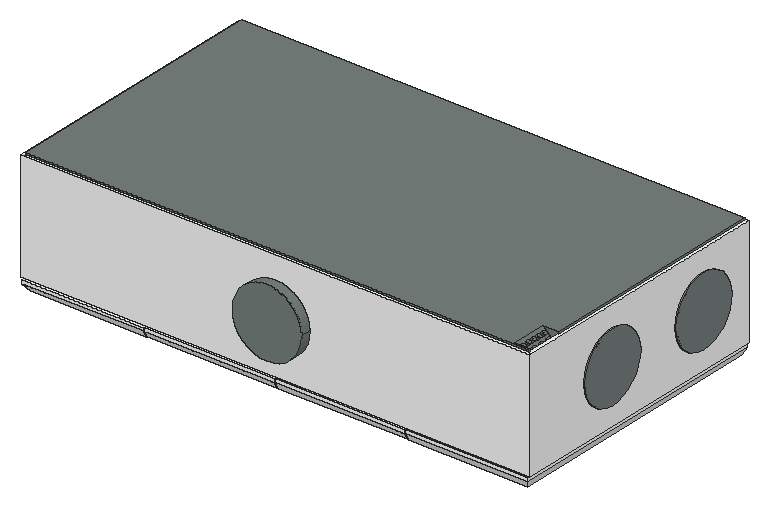
Revit family "AM 1000 S1S2 DIDE", category Mechanical Equipment, Revit 2019
Family settings
  Round Connector Dimension = Use Diameter
  Part Type = Normal
  OmniClass Number = 23.75.00.00
  OmniClass Title = Climate Control (HVAC)
  Work Plane-Based = No
  Always vertical = Yes
  Cut with Voids When Loaded = No
  Shared = No
  Room Calculation Point = No
Parameters
  Weight (Standard Unit) = 301.5  # constant formula
  Water heating surface in = "1/2\" (DN 15)"
  Water heating surface Return = "1/2\" (DN 15)"
  Water Heater Surface Return = 15 mm  # constant formula
  Water Heater Surface IN = 15 mm  # constant formula
  URL = "www.airmaster-as.com"
  Total Width = 2325 mm  # constant formula
  Total Hight = 560 mm  # constant formula
  Top Panel [instance] = yes
  T-C Duct Exhaust = 258 mm  # constant formula
  T-C Duct Supply = 258 mm  # constant formula
  Suply Air In = 315 mm  # constant formula
  R-C Duct Exhaust = 318 mm  # constant formula
  Phase 1 - Max Power Consumption = "4105 W"
  Phase 1 - Max Current = "19 A"
  Nominal current, electrical preheating surface = "10 A"
  Nominal current, electrical comfort heating surface = "6,5 A"
  Nominal current, air handling unit = "2,2 A"
  Network Conection = "AWG 24 CAT 5e STP"
  Model = "AM 1000 S1S2 DIDE"
  Middel Panel [instance] = yes
  Max. flow rate 35 dB(A) with ePM10 80% filters = 998.00 m³  # constant formula
  Max. flow rate 35 dB(A) with ePM10 55% filters = 1025.00 m³  # constant formula
  Max. flow rate 35 dB(A) with ePM10 50% filters = 1050.00 m³  # constant formula
  Max. flow rate 30 dB(A) with ePM10 80% filters = 903.00 m³  # constant formula
  Max. flow rate 30 dB(A) with ePM10 55% filters = 926.00 m³  # constant formula
  Max. flow rate 30 dB(A) with ePM10 50% filters = 950.00 m³  # constant formula
  Manufacturer = "Airmaster A/S"
  Maintenance [instance] = no
  L-C Duct ESupply = 237 mm  # constant formula
  Exhaust Air = 315 mm  # constant formula
  Total Depth = 1248 mm  # constant formula
  Electrical connection = "1  ~ 230V+N+PE / 3 ~ 230/400V+N+PE/ 50 Hz"
  Drawn By = "LSB"
  Condensate conector = "Ø6/9 mm"
  Condensate = 9 mm  # constant formula
  Buttom Panel = yes
  BMS Panel = "(PTS) 2x2x0,6"
  BMS Out = "(PTS) 2x2x0,6"
  BMS IN = "(PTS) 2x2x0,6"
  Airflow area [instance] = no
  Air flow area [instance] = Airflow
Reference planes
  plane 1 "Center (Front/Back)": y = 0
  plane 2: z = 0
  plane 3 "Center (Left/Right)": x = 0
  plane 4 "Center L/S": y = -1248
  plane 5 "Center L/T": x = -1162.5
  plane 6 "Center L/U": x = 1162.5
  plane 7 "TOP": z = 560
  plane 8 "Center L/V": x = -1147.5
  plane 9 "Center L/W": y = -1233
  plane 10 "Center L/X": x = 1147.5
  plane 11 "Panel Buttom": z = 44.5
  plane 12 "Panel Top": z = 212.5
  plane 13 "Hatch": z = 14.5
  plane 14 "Center L/Z": z = 222.5
  plane 15 "Center L/AA": z = 382.5
  plane 16 "Center L/BB": z = 392.5
  plane 17 "Center L/CC": z = 552.5
  plane 18 "Center L/DD": z = 52.35
  plane 19 "Center L/EE": z = 71.6
  plane 20: x = 1077.714
  plane 21: y = -1065.25
Forms (mm)
  Extrusion 1, solid, material "AM Grey"
    sketch origin (0, 0, 0) x (1, 0, 0) y (0, 1, 0)
      loop
        line (-1147.5, 0) -> (-1147.5, -1233) -> (1147.5, -1233) -> (1147.5, 0) -> (-1147.5, 0)
    from 44.5 to 560
  Extrusion 2, solid, material "AM White"
    sketch origin (794.5, -1524, 44.5) x (0, -1, 0) y (-1, 0, 0)
      loop
        line (-1524, 1957) -> (-1524, 1942) -> (-291, 1942) -> (-291, -353) -> (-276, -368) -> (-276, 1957) -> (-1524, 1957)
    from -7.85 to -508
  Blend 3, solid, material "AM White"
    base sketch origin (-790.646, -1524, 14.5) x (0, -1, 0) y (1, 0, 0)
      loop
        line (-276, -364.887) -> (-276, 1946.157) -> (-1524, 1946.157) -> (-1524, -364.887) -> (-276, -364.887)
    top sketch origin (-790.646, -1524, 14.5) x (0, -1, 0) y (1, 0, 0)
      loop
        line (-291, -337.182) -> (-291, 1935.146) -> (-1512, 1935.146) -> (-1512, -337.182) -> (-291, -337.182)
    from 14.086 to -14.5
  Extrusion 4, solid, material "AM Grey"
    sketch origin (-1147.5, 0, 0) x (1, 0, 0) y (0, 0, -1)
      loop
        circle (1992, -302) r 157.5
    from 0 to 9.75
  Extrusion 5, solid, material "Maintenece", visible <- "Maintenance"
    sketch origin (-790.646, -1524, 0) x (1, 0, 0) y (0, -1, 0)
      loop
        line (-355.498, -1524) -> (1953.146, -1524) -> (1953.146, -276) -> (-355.498, -276) -> (-355.498, -1524)
    from 0 to 1200
  Extrusion 6, void
    sketch origin (1162.5, -1248, 44.5) x (1, 0, 0) y (0, 0, -1)
      loop
        line (-561, 44.65) -> (-570.2, 44.65)
        arc (-570.2, 44.65) -> (-568.786, 44.064) -> (-568.2, 42.65) r 2
        line (-568.2, 42.65) -> (-568.2, -7.85) -> (-563, -7.85) -> (-563, 42.65)
        arc (-563, 42.65) -> (-562.414, 44.064) -> (-561, 44.65) r 2
      loop
        line (-1157.2, 44.65) -> (-1166.4, 44.65)
        arc (-1166.4, 44.65) -> (-1164.986, 44.064) -> (-1164.4, 42.65) r 2
        line (-1164.4, 42.65) -> (-1164.4, -7.85) -> (-1159.2, -7.85) -> (-1159.2, 42.65)
        arc (-1159.2, 42.65) -> (-1158.614, 44.064) -> (-1157.2, 44.65) r 2
      loop
        line (-1754.3, 44.65) -> (-1763.5, 44.65)
        arc (-1763.5, 44.65) -> (-1762.086, 44.064) -> (-1761.5, 42.65) r 2
        line (-1761.5, 42.65) -> (-1761.5, -7.85) -> (-1756.3, -7.85) -> (-1756.3, 42.65)
        arc (-1756.3, 42.65) -> (-1755.714, 44.064) -> (-1754.3, 44.65) r 2
    from 0 to 1281
  Extrusion 7, solid, material "AM White"
    sketch origin (0, 0, 44.5) x (0, 1, 0) y (1, 0, 0)
      loop
        line (-1248, -1157) -> (0, -1157) -> (0, 1155.511) -> (-1248, 1155.511) -> (-1248, -1157)
    from 0 to 15.914
  Extrusion 8, solid
    sketch origin (1147.5, -1256.441, -6.992) x (0, 1, 0) y (0, 0, 1)
      loop
        arc (1222.716, 528.556) -> (1233.368, 538.673) -> (1222.441, 548.492) r 10
        arc (1222.441, 548.492) -> (1213.37, 538.397) -> (1222.716, 528.556) r 10
    from 0 to 14
  Extrusion 9, solid
    sketch origin (1147.5, -1256.441, -6.992) x (0, 1, 0) y (0, 0, 1)
      loop
        arc (1200.869, 545.503) -> (1201.138, 537.541) -> (1202.323, 545.419) r 4
        arc (1202.323, 545.419) -> (1201.6, 545.528) -> (1200.869, 545.503) r 4
    from 0 to 14
  Extrusion 10, solid
    sketch origin (1147.5, -1256.441, -6.992) x (0, 1, 0) y (0, 0, 1)
      loop
        arc (1222.716, 498.556) -> (1233.368, 508.673) -> (1222.441, 518.492) r 10
        arc (1222.441, 518.492) -> (1213.37, 508.397) -> (1222.716, 498.556) r 10
    from 0 to 14
  Extrusion 11, solid
    sketch origin (1147.5, -1256.441, -6.992) x (0, 1, 0) y (0, 0, 1)
      loop
        arc (1200.869, 531.503) -> (1201.138, 523.541) -> (1202.323, 531.419) r 4
        arc (1202.323, 531.419) -> (1201.6, 531.528) -> (1200.869, 531.503) r 4
    from 0 to 14
  Extrusion 12, solid
    sketch origin (1147.5, -1256.441, -6.992) x (0, 1, 0) y (0, 0, 1)
      loop
        arc (1200.869, 517.503) -> (1201.138, 509.541) -> (1202.323, 517.419) r 4
        arc (1202.323, 517.419) -> (1201.6, 517.528) -> (1200.869, 517.503) r 4
    from 0 to 14
  Extrusion 13, solid
    sketch origin (1147.5, -1256.441, -6.992) x (0, 1, 0) y (0, 0, 1)
      loop
        arc (1200.869, 503.503) -> (1201.138, 495.541) -> (1202.323, 503.419) r 4
        arc (1202.323, 503.419) -> (1201.6, 503.528) -> (1200.869, 503.503) r 4
    from 0 to 14
  Extrusion 14, solid
    sketch origin (1147.5, -1256.441, -6.992) x (0, 1, 0) y (0, 0, 1)
      loop
        arc (1200.869, 489.503) -> (1201.138, 481.541) -> (1202.323, 489.419) r 4
        arc (1202.323, 489.419) -> (1201.6, 489.528) -> (1200.869, 489.503) r 4
    from 0 to 14
  Extrusion 15, solid
    sketch origin (1147.5, -1256.441, -6.992) x (0, 1, 0) y (0, 0, 1)
      loop
        arc (1200.869, 475.503) -> (1201.138, 467.541) -> (1202.323, 475.419) r 4
        arc (1202.323, 475.419) -> (1201.6, 475.528) -> (1200.869, 475.503) r 4
    from 0 to 14
  Extrusion 16, solid
    sketch origin (1147.5, -1256.441, -6.992) x (0, 1, 0) y (0, 0, 1)
      loop
        arc (1200.869, 461.503) -> (1201.138, 453.541) -> (1202.323, 461.419) r 4
        arc (1202.323, 461.419) -> (1201.6, 461.528) -> (1200.869, 461.503) r 4
    from 0 to 14
  Extrusion 17, solid
    sketch origin (1147.5, -1256.441, -6.992) x (0, 1, 0) y (0, 0, 1)
      loop
        arc (1200.869, 447.503) -> (1201.138, 439.541) -> (1202.323, 447.419) r 4
        arc (1202.323, 447.419) -> (1201.6, 447.528) -> (1200.869, 447.503) r 4
    from 0 to 14
  Extrusion 18, solid
    sketch origin (1147.5, -1256.441, -6.992) x (0, 1, 0) y (0, 0, 1)
      loop
        arc (1200.869, 433.503) -> (1201.138, 425.541) -> (1202.323, 433.419) r 4
        arc (1202.323, 433.419) -> (1201.6, 433.528) -> (1200.869, 433.503) r 4
    from 0 to 14
  Extrusion 19, solid
    sketch origin (1147.5, -1256.441, -6.992) x (0, 1, 0) y (0, 0, 1)
      loop
        arc (1200.869, 419.503) -> (1201.138, 411.541) -> (1202.323, 419.419) r 4
        arc (1202.323, 419.419) -> (1201.6, 419.528) -> (1200.869, 419.503) r 4
    from 0 to 14
  Extrusion 20, solid
    sketch origin (1147.5, -1256.441, -6.992) x (0, 1, 0) y (0, 0, 1)
      loop
        arc (1222.716, 468.556) -> (1233.368, 478.673) -> (1222.441, 488.492) r 10
        arc (1222.441, 488.492) -> (1213.37, 478.397) -> (1222.716, 468.556) r 10
    from 0 to 14
  Extrusion 21, solid
    sketch origin (1147.5, -1256.441, -6.992) x (0, 1, 0) y (0, 0, 1)
      loop
        arc (1222.716, 438.556) -> (1233.368, 448.673) -> (1222.441, 458.492) r 10
        arc (1222.441, 458.492) -> (1213.37, 448.397) -> (1222.716, 438.556) r 10
    from 0 to 14
  Extrusion 22, solid
    sketch origin (1147.5, -1256.441, -6.992) x (0, 1, 0) y (0, 0, 1)
      loop
        arc (1222.716, 408.556) -> (1233.368, 418.673) -> (1222.441, 428.492) r 10
        arc (1222.441, 428.492) -> (1213.37, 418.397) -> (1222.716, 408.556) r 10
    from 0 to 14
  Extrusion 23, void
    sketch origin (1147.5, -1233, 0) x (1, 0, 0) y (0, 0, -1)
      loop
        line (-69.786, -560) -> (0, -560) -> (0, -490.214) -> (-69.786, -560)
    from 5 to 167.75
  Extrusion 24, solid, material "AM Grey"
    sketch origin (1077.714, -1240.497, 560) x (0.707107, 0, -0.707107) y (0, 1, 0)
      loop
        circle (55.785, 29.963) r 10
    from 0 to 15
  Extrusion 25, solid, material "AM Grey"
    sketch origin (1077.714, -4445.497, 560) x (0.707107, 0, -0.707107) y (0, 1, 0)
      loop
        circle (25.193, 3235.104) r 8
    from 0 to 15
  Extrusion 26, solid, material "AM Grey"
    sketch origin (1077.714, -4415.497, 560) x (0.707107, 0, -0.707107) y (0, 1, 0)
      loop
        circle (25.193, 3235.104) r 8
    from 0 to 15
  Extrusion 27, solid, material "AM Grey"
    sketch origin (1077.714, -4385.497, 560) x (0.707107, 0, -0.707107) y (0, 1, 0)
      loop
        circle (25.193, 3235.104) r 8
    from 0 to 15
  Extrusion 28, solid, material "AM Grey"
    sketch origin (1077.714, -4355.497, 560) x (0.707107, 0, -0.707107) y (0, 1, 0)
      loop
        circle (25.193, 3235.104) r 8
    from 0 to 15
  Extrusion 29, solid, material "AM Grey"
    sketch origin (1077.714, -4325.497, 560) x (0.707107, 0, -0.707107) y (0, 1, 0)
      loop
        circle (25.193, 3235.104) r 8
    from 0 to 15
  Extrusion 30, solid, material "AM Grey"
    sketch origin (1077.714, -1201.186, 560) x (0.707107, 0, -0.707107) y (0, 1, 0)
      loop
        circle (55.785, 29.963) r 10
    from 0 to 15
  Extrusion 31, solid, material "AM Grey"
    sketch origin (1077.714, -1159.936, 560) x (0.707107, 0, -0.707107) y (0, 1, 0)
      loop
        circle (55.785, 29.963) r 10
    from 0 to 15
  Extrusion 32, solid, material "AM Grey"
    sketch origin (1077.714, -1120.561, 560) x (0.707107, 0, -0.707107) y (0, 1, 0)
      loop
        circle (55.785, 29.963) r 10
    from 0 to 15
  Extrusion 33, solid, material "AM Grey"
    sketch origin (-1147.5, -1233, 0) x (0, 1, 0) y (0, 0, -1)
      loop
        line (1232.629, -484.5) -> (1232.629, -460.5) -> (1225.161, -460.5) -> (1208.129, -460.5)
        arc (1208.129, -460.5) -> (1196.129, -472.5) -> (1208.129, -484.5) r 12
        line (1208.129, -484.5) -> (1224.336, -484.5) -> (1232.629, -484.5)
    from 0 to 14
  Extrusion 34, solid, material "AM Grey"
    sketch origin (-1147.5, -1233, -44.5) x (0, 1, 0) y (0, 0, -1)
      loop
        line (1232.629, -484.5) -> (1232.629, -460.5) -> (1225.161, -460.5) -> (1208.129, -460.5)
        arc (1208.129, -460.5) -> (1196.129, -472.5) -> (1208.129, -484.5) r 12
        line (1208.129, -484.5) -> (1224.336, -484.5) -> (1232.629, -484.5)
    from 0 to 14
  Extrusion 35, solid, material "AM White"
    sketch origin (0, 0, 0) x (1, 0, 0) y (0, 1, 0)
      loop
        line (1147.5, 0) -> (1147.5, -1233) -> (1162.5, -1248) -> (1162.5, 0) -> (1147.5, 0)
    from 52.35 to 552.5
  Extrusion 36, solid, material "AM Grey"
    sketch origin (1147.5, 0, 0) x (0, -1, 0) y (0, 0, -1)
      loop
        circle (266.25, -302) r 157.5
    from 0 to 25
  Extrusion 37, solid, material "AM Grey"
    sketch origin (1147.5, -520, 0) x (0, -1, 0) y (0, 0, -1)
      loop
        circle (266.25, -302) r 157.5
    from 0 to 25
  Extrusion 38, solid, material "AM Grey"
    sketch origin (1147.5, -1233, 0) x (-1, 0, 0) y (0, 0, -1)
      loop
        circle (1147, -294.5) r 157.5
    from 0 to 62
  Extrusion 39, solid, material "AM Grey"
    sketch origin (-1147.5, -1233, 0) x (0, 1, 0) y (0, 0, -1)
      loop
        circle (437, -301.6) r 157.5
    from 0 to 62
Cuts and joins
  Extrusion 6 cuts Extrusion 2
  Extrusion 6 cuts Blend 3
  Extrusion 6 cuts Extrusion 7
  Extrusion 23 cuts Extrusion 1
Dimensions and locks
  "Total Depth": plane 4 "Center L/S" to plane 1 "Center (Front/Back)"
  equal spacing: plane 5 "Center L/T", plane 3 "Center (Left/Right)", plane 6 "Center L/U"
  "Total Width": plane 5 "Center L/T" to plane 6 "Center L/U"
  "Total Hight": plane 7 "TOP" to level
  locked: plane 10 "Center L/X" to plane 6 "Center L/U" at 15
  locked: plane 4 "Center L/S" to plane 9 "Center L/W" at 15
  locked: plane 5 "Center L/T" to plane 8 "Center L/V" at 15
  "R-C Duct Exhaust": plane 6 "Center L/U" to Extrusion 4 sketch curve
  Extrusion 36 sketch curve to Extrusion 4 = 276 mm
  plane 7 "TOP" to Extrusion 36 sketch curve = 258 mm
  plane 6 "Center L/U" to Extrusion 38 sketch curve = 1162 mm
  plane 7 "TOP" to Extrusion 39 sketch curve = 258.4 mm
  plane 1 "Center (Front/Back)" to Extrusion 39 sketch curve = 796 mm
  "Exhaust Air": diameter of Extrusion 4 sketch curve
  "Suply Air In": diameter of Extrusion 36 sketch curve
  "Suply Air In": diameter of Extrusion 37 sketch curve
  "Exhaust Air": diameter of Extrusion 38 sketch curve
  "Exhaust Air": diameter of Extrusion 39 sketch curve
  aligned and locked: level to plane 2
  aligned and locked: plane 1 "Center (Front/Back)" to Extrusion 1 sketch curve
  aligned and locked: Extrusion 1 sketch curve to plane 8 "Center L/V"
  aligned and locked: Extrusion 1 sketch curve to plane 9 "Center L/W"
  aligned and locked: Extrusion 1 sketch curve to plane 10 "Center L/X"
  aligned and locked: plane 7 "TOP" to Extrusion 1
  aligned and locked: plane 5 "Center L/T" to Extrusion 2 sketch curve
  aligned and locked: plane 4 "Center L/S" to Extrusion 2 sketch curve
  aligned and locked: Extrusion 2 sketch curve to Extrusion 1  (x2)
  aligned and locked: Blend 3 to plane 2
  aligned and locked: Extrusion 1 to plane 11 "Panel Buttom"
  aligned and locked: cut or joined group of Extrusion 2, Extrusion 6 to Extrusion 39
Automatic sketch dimensions
  plane 1 "Center (Front/Back)" to Extrusion 2 sketch curve = 0 mm
  Extrusion 2 sketch curve to plane 10 "Center L/X" = 0 mm
  Extrusion 2 sketch curve to plane 6 "Center L/U" = 0 mm
  plane 1 "Center (Front/Back)" to Blend 3 sketch curve = 0 mm
  plane 4 "Center L/S" to Blend 3 sketch curve = 0 mm
  plane 5 "Center L/T" to Blend 3 sketch curve = 6.967 mm
  Blend 3 sketch curve to plane 6 "Center L/U" = 6.989 mm
  Blend 3 sketch curve to plane 9 "Center L/W" = 0 mm
  Blend 3 sketch curve to plane 10 "Center L/X" = 3 mm
  plane 1 "Center (Front/Back)" to Blend 3 sketch curve = 12 mm
  plane 8 "Center L/V" to Blend 3 sketch curve = 19.672 mm
  Extrusion 1 to Extrusion 4 sketch curve = 258 mm
  Extrusion 5 sketch curve to Blend 3 = 18.316 mm
  Extrusion 5 sketch curve to Blend 3 = 18 mm
  Extrusion 5 sketch curve to Blend 3 = 15 mm
  Extrusion 5 sketch curve to Blend 3 = 12 mm
  Extrusion 6 sketch curve to Extrusion 2 = 0 mm  (x3)
  Extrusion 2 to Extrusion 6 sketch curve = 50.5 mm  (x3)
  Extrusion 6 sketch curve to Extrusion 2 = 561.5 mm
  Extrusion 6 sketch curve to Extrusion 6 sketch curve = 2 mm  (x6)
  Extrusion 6 sketch curve to Extrusion 6 sketch curve = 5.2 mm  (x3)
  Extrusion 6 sketch curve to Extrusion 6 sketch curve = 587.9 mm
  Extrusion 2 to Extrusion 6 sketch curve = 570.2 mm
  Extrusion 6 sketch curve to Extrusion 6 sketch curve = 0 mm  (x12)
  Extrusion 1 to Extrusion 7 sketch curve = 0 mm
  Extrusion 7 sketch curve to Extrusion 1 = 15 mm
  Extrusion 7 sketch curve to Extrusion 1 = 8.011 mm
  Extrusion 7 sketch curve to Extrusion 1 = 9.5 mm
  Extrusion 8 sketch curve to Extrusion 8 sketch curve = 0 mm  (x2)
  Extrusion 1 to Extrusion 8 sketch curve = 33.072 mm
  Extrusion 1 to Extrusion 8 sketch curve = 28.457 mm
  Extrusion 8 sketch curve to Extrusion 8 sketch curve = 0.653 mm
  Extrusion 8 sketch curve to Extrusion 8 sketch curve = 0.928 mm
  Extrusion 8 sketch curve to Extrusion 8 sketch curve = 9.979 mm
  Extrusion 9 sketch curve to Extrusion 9 sketch curve = 0 mm  (x2)
  Extrusion 1 to Extrusion 9 sketch curve = 25.457 mm
  Extrusion 1 to Extrusion 9 sketch curve = 55.072 mm
  Extrusion 9 sketch curve to Extrusion 9 sketch curve = 0.5 mm
  Extrusion 9 sketch curve to Extrusion 9 sketch curve = 1.454 mm
  Extrusion 9 sketch curve to Extrusion 9 sketch curve = 3.884 mm
  Extrusion 10 sketch curve to Extrusion 10 sketch curve = 0 mm  (x2)
  Extrusion 1 to Extrusion 10 sketch curve = 33.072 mm
  Extrusion 1 to Extrusion 10 sketch curve = 58.457 mm
  Extrusion 10 sketch curve to Extrusion 10 sketch curve = 0.653 mm
  Extrusion 10 sketch curve to Extrusion 10 sketch curve = 0.928 mm
  Extrusion 10 sketch curve to Extrusion 10 sketch curve = 9.979 mm
  Extrusion 11 sketch curve to Extrusion 11 sketch curve = 0 mm  (x2)
  Extrusion 1 to Extrusion 11 sketch curve = 55.072 mm
  Extrusion 1 to Extrusion 11 sketch curve = 39.457 mm
  Extrusion 11 sketch curve to Extrusion 11 sketch curve = 0.5 mm
  Extrusion 11 sketch curve to Extrusion 11 sketch curve = 1.454 mm
  Extrusion 11 sketch curve to Extrusion 11 sketch curve = 3.884 mm
  Extrusion 12 sketch curve to Extrusion 12 sketch curve = 0 mm  (x2)
  Extrusion 1 to Extrusion 12 sketch curve = 55.072 mm
  Extrusion 1 to Extrusion 12 sketch curve = 53.457 mm
  Extrusion 12 sketch curve to Extrusion 12 sketch curve = 0.5 mm
  Extrusion 12 sketch curve to Extrusion 12 sketch curve = 1.454 mm
  Extrusion 12 sketch curve to Extrusion 12 sketch curve = 3.884 mm
  Extrusion 13 sketch curve to Extrusion 13 sketch curve = 0 mm  (x2)
  Extrusion 1 to Extrusion 13 sketch curve = 55.072 mm
  Extrusion 1 to Extrusion 13 sketch curve = 67.457 mm
  Extrusion 13 sketch curve to Extrusion 13 sketch curve = 0.5 mm
  Extrusion 13 sketch curve to Extrusion 13 sketch curve = 1.454 mm
  Extrusion 13 sketch curve to Extrusion 13 sketch curve = 3.884 mm
  Extrusion 14 sketch curve to Extrusion 14 sketch curve = 0 mm  (x2)
  Extrusion 1 to Extrusion 14 sketch curve = 55.072 mm
  Extrusion 1 to Extrusion 14 sketch curve = 81.457 mm
  Extrusion 14 sketch curve to Extrusion 14 sketch curve = 0.5 mm
  Extrusion 14 sketch curve to Extrusion 14 sketch curve = 1.454 mm
  Extrusion 14 sketch curve to Extrusion 14 sketch curve = 3.884 mm
  Extrusion 15 sketch curve to Extrusion 15 sketch curve = 0 mm  (x2)
  Extrusion 1 to Extrusion 15 sketch curve = 55.072 mm
  Extrusion 1 to Extrusion 15 sketch curve = 95.457 mm
  Extrusion 15 sketch curve to Extrusion 15 sketch curve = 0.5 mm
  Extrusion 15 sketch curve to Extrusion 15 sketch curve = 1.454 mm
  Extrusion 15 sketch curve to Extrusion 15 sketch curve = 3.884 mm
  Extrusion 16 sketch curve to Extrusion 16 sketch curve = 0 mm  (x2)
  Extrusion 1 to Extrusion 16 sketch curve = 55.072 mm
  Extrusion 1 to Extrusion 16 sketch curve = 109.457 mm
  Extrusion 16 sketch curve to Extrusion 16 sketch curve = 0.5 mm
  Extrusion 16 sketch curve to Extrusion 16 sketch curve = 1.454 mm
  Extrusion 16 sketch curve to Extrusion 16 sketch curve = 3.884 mm
  Extrusion 17 sketch curve to Extrusion 17 sketch curve = 0 mm  (x2)
  Extrusion 1 to Extrusion 17 sketch curve = 55.072 mm
  Extrusion 1 to Extrusion 17 sketch curve = 123.457 mm
  Extrusion 17 sketch curve to Extrusion 17 sketch curve = 0.5 mm
  Extrusion 17 sketch curve to Extrusion 17 sketch curve = 1.454 mm
  Extrusion 17 sketch curve to Extrusion 17 sketch curve = 3.884 mm
  Extrusion 18 sketch curve to Extrusion 18 sketch curve = 0 mm  (x2)
  Extrusion 1 to Extrusion 18 sketch curve = 55.072 mm
  Extrusion 1 to Extrusion 18 sketch curve = 137.457 mm
  Extrusion 18 sketch curve to Extrusion 18 sketch curve = 0.5 mm
  Extrusion 18 sketch curve to Extrusion 18 sketch curve = 1.454 mm
  Extrusion 18 sketch curve to Extrusion 18 sketch curve = 3.884 mm
  Extrusion 19 sketch curve to Extrusion 19 sketch curve = 0 mm  (x2)
  Extrusion 1 to Extrusion 19 sketch curve = 55.072 mm
  Extrusion 1 to Extrusion 19 sketch curve = 151.457 mm
  Extrusion 19 sketch curve to Extrusion 19 sketch curve = 0.5 mm
  Extrusion 19 sketch curve to Extrusion 19 sketch curve = 1.454 mm
  Extrusion 19 sketch curve to Extrusion 19 sketch curve = 3.884 mm
  Extrusion 20 sketch curve to Extrusion 20 sketch curve = 0 mm  (x2)
  Extrusion 1 to Extrusion 20 sketch curve = 33.072 mm
  Extrusion 1 to Extrusion 20 sketch curve = 88.457 mm
  Extrusion 20 sketch curve to Extrusion 20 sketch curve = 0.653 mm
  Extrusion 20 sketch curve to Extrusion 20 sketch curve = 0.928 mm
  Extrusion 20 sketch curve to Extrusion 20 sketch curve = 9.979 mm
  Extrusion 21 sketch curve to Extrusion 21 sketch curve = 0 mm  (x2)
  Extrusion 1 to Extrusion 21 sketch curve = 33.072 mm
  Extrusion 1 to Extrusion 21 sketch curve = 118.457 mm
  Extrusion 21 sketch curve to Extrusion 21 sketch curve = 0.653 mm
  Extrusion 21 sketch curve to Extrusion 21 sketch curve = 0.928 mm
  Extrusion 21 sketch curve to Extrusion 21 sketch curve = 9.979 mm
  Extrusion 22 sketch curve to Extrusion 22 sketch curve = 0 mm  (x2)
  Extrusion 1 to Extrusion 22 sketch curve = 33.072 mm
  Extrusion 1 to Extrusion 22 sketch curve = 148.457 mm
  Extrusion 22 sketch curve to Extrusion 22 sketch curve = 0.653 mm
  Extrusion 22 sketch curve to Extrusion 22 sketch curve = 0.928 mm
  Extrusion 22 sketch curve to Extrusion 22 sketch curve = 9.979 mm
  Extrusion 23 sketch curve to Extrusion 1 = 0 mm
  Extrusion 1 to Extrusion 23 sketch curve = 0 mm
  Extrusion 1 to Extrusion 23 sketch curve = 69.786 mm
  Extrusion 23 sketch curve to Extrusion 23 sketch curve = 69.786 mm
  Extrusion 23 to Extrusion 24 sketch curve = 17.466 mm
  Extrusion 24 sketch curve to Extrusion 23 = 42.906 mm
  Extrusion 25 sketch curve to Extrusion 23 = 25.193 mm
  Extrusion 23 to Extrusion 25 sketch curve = 17.608 mm
  Extrusion 26 sketch curve to Extrusion 23 = 25.193 mm
  Extrusion 23 to Extrusion 26 sketch curve = 47.608 mm
  Extrusion 27 sketch curve to Extrusion 23 = 25.193 mm
  Extrusion 23 to Extrusion 27 sketch curve = 77.608 mm
  Extrusion 28 sketch curve to Extrusion 23 = 25.193 mm
  Extrusion 23 to Extrusion 28 sketch curve = 55.142 mm
  Extrusion 29 sketch curve to Extrusion 23 = 25.193 mm
  Extrusion 23 to Extrusion 29 sketch curve = 25.142 mm
  Extrusion 30 sketch curve to Extrusion 23 = 42.906 mm
  Extrusion 23 to Extrusion 30 sketch curve = 56.777 mm
  Extrusion 31 sketch curve to Extrusion 23 = 42.906 mm
  Extrusion 23 to Extrusion 31 sketch curve = 64.723 mm
  Extrusion 32 sketch curve to Extrusion 23 = 42.906 mm
  Extrusion 23 to Extrusion 32 sketch curve = 25.348 mm
  Extrusion 1 to Extrusion 33 sketch curve = 24.871 mm
  Extrusion 1 to Extrusion 33 sketch curve = 8.664 mm
  Extrusion 1 to Extrusion 33 sketch curve = 7.839 mm
  Extrusion 1 to Extrusion 33 sketch curve = 0.371 mm
  Extrusion 1 to Extrusion 33 sketch curve = 75.5 mm
  Extrusion 33 sketch curve to Extrusion 33 sketch curve = 12 mm
  Extrusion 1 to Extrusion 34 sketch curve = 24.871 mm
  Extrusion 1 to Extrusion 34 sketch curve = 8.664 mm
  Extrusion 1 to Extrusion 34 sketch curve = 7.839 mm
  Extrusion 1 to Extrusion 34 sketch curve = 0.371 mm
  Extrusion 1 to Extrusion 34 sketch curve = 120 mm
  Extrusion 34 sketch curve to Extrusion 34 sketch curve = 12 mm
  plane 9 "Center L/W" to Extrusion 35 sketch curve = 0 mm
  Extrusion 35 sketch curve to plane 10 "Center L/X" = 0 mm
  plane 4 "Center L/S" to Extrusion 35 sketch curve = 0 mm
  Extrusion 35 sketch curve to plane 6 "Center L/U" = 0 mm
  plane 1 "Center (Front/Back)" to Extrusion 35 sketch curve = 0 mm
  Extrusion 1 to Extrusion 37 sketch curve = 446.75 mm
  Extrusion 1 to Extrusion 37 sketch curve = 258 mm
  Extrusion 1 to Extrusion 38 sketch curve = 250 mm
  radius of Extrusion 24 sketch curve = 10 mm
  radius of Extrusion 25 sketch curve = 8 mm
  radius of Extrusion 26 sketch curve = 8 mm
  radius of Extrusion 27 sketch curve = 8 mm
  radius of Extrusion 28 sketch curve = 8 mm
  radius of Extrusion 29 sketch curve = 8 mm
  radius of Extrusion 30 sketch curve = 10 mm
  radius of Extrusion 31 sketch curve = 10 mm
  radius of Extrusion 32 sketch curve = 10 mm
Nested families
  nested 1: "Model Label 2019" at (0, -602.425, 0), Label <- "Model", type "Model Label 2019"
    with Label "AM 1000 S1S2 DIDE"
Connectors
  electrical at (1161.5, -54.845, 538.47), driven by "Electrical connection"
    settings: on Extrusion 9, index 11, voltage 400 V, apparent load 0 VA, apparent load phase1 0 VA, apparent load phase2 0 VA, apparent load phase3 0 VA, power factor 0.58, load classification "HVAC", number of poles 3, system type 31, power factor state 1, is connector primary yes, connector utility no, sub classification motor no, connector description "1  ~ 230V+N+PE / 3 ~ 230/400V+N+PE/ 50 Hz"
  electrical at (1161.5, -54.845, 524.47), driven by "BMS IN"
    settings: on Extrusion 11, index 12, voltage 0 V, apparent load 0 VA, apparent load phase1 0 VA, apparent load phase2 0 VA, apparent load phase3 0 VA, power factor 1, load classification "Other", number of poles 1, system type 5, power factor state 1, is connector primary no, connector utility no, sub classification motor no, connector description "(PTS) 2x2x0,6"
  electrical at (1161.5, -54.845, 510.47), driven by "BMS Out"
    settings: on Extrusion 12, index 13, voltage 0 V, apparent load 0 VA, apparent load phase1 0 VA, apparent load phase2 0 VA, apparent load phase3 0 VA, power factor 1, load classification "Other", number of poles 1, system type 5, power factor state 1, is connector primary no, connector utility no, sub classification motor no, connector description "(PTS) 2x2x0,6"
  electrical at (1161.5, -54.845, 496.47), driven by "BMS Panel"
    settings: on Extrusion 13, index 14, voltage 0 V, apparent load 0 VA, apparent load phase1 0 VA, apparent load phase2 0 VA, apparent load phase3 0 VA, power factor 1, load classification "Other", number of poles 1, system type 5, power factor state 1, is connector primary no, connector utility no, sub classification motor no, connector description "(PTS) 2x2x0,6"
  electrical at (1161.5, -54.845, 482.47), driven by "Network Conection"
    settings: on Extrusion 14, index 15, voltage 0 V, apparent load 0 VA, apparent load phase1 0 VA, apparent load phase2 0 VA, apparent load phase3 0 VA, power factor 1, load classification "Other", number of poles 1, system type 5, power factor state 1, is connector primary no, connector utility no, sub classification motor no, connector description "AWG 24 CAT 5e STP"
  electrical at (1161.5, -54.845, 468.47), driven by "BMS IN"
    settings: on Extrusion 15, index 16, voltage 0 V, apparent load 0 VA, apparent load phase1 0 VA, apparent load phase2 0 VA, apparent load phase3 0 VA, power factor 1, load classification "Other", number of poles 1, system type 5, power factor state 1, is connector primary no, connector utility no, sub classification motor no, connector description "(PTS) 2x2x0,6"
  electrical at (1161.5, -54.845, 454.47), driven by "BMS IN"
    settings: on Extrusion 16, index 17, voltage 0 V, apparent load 0 VA, apparent load phase1 0 VA, apparent load phase2 0 VA, apparent load phase3 0 VA, power factor 1, load classification "Other", number of poles 1, system type 5, power factor state 1, is connector primary no, connector utility no, sub classification motor no, connector description "(PTS) 2x2x0,6"
  electrical at (1161.5, -54.845, 440.47), driven by "BMS IN"
    settings: on Extrusion 17, index 18, voltage 0 V, apparent load 0 VA, apparent load phase1 0 VA, apparent load phase2 0 VA, apparent load phase3 0 VA, power factor 1, load classification "Other", number of poles 1, system type 5, power factor state 1, is connector primary no, connector utility no, sub classification motor no, connector description "(PTS) 2x2x0,6"
  electrical at (1161.5, -54.845, 426.47), driven by "BMS IN"
    settings: on Extrusion 18, index 19, voltage 0 V, apparent load 0 VA, apparent load phase1 0 VA, apparent load phase2 0 VA, apparent load phase3 0 VA, power factor 1, load classification "Other", number of poles 1, system type 5, power factor state 1, is connector primary no, connector utility no, sub classification motor no, connector description "(PTS) 2x2x0,6"
  electrical at (1161.5, -54.845, 412.47), driven by "BMS IN"
    settings: on Extrusion 19, index 20, voltage 0 V, apparent load 0 VA, apparent load phase1 0 VA, apparent load phase2 0 VA, apparent load phase3 0 VA, power factor 1, load classification "Other", number of poles 1, system type 5, power factor state 1, is connector primary no, connector utility no, sub classification motor no, connector description "(PTS) 2x2x0,6"
  piping at (1161.5, -33.862, 531.532), diameter 9, driven by "Condensate", driven by "Condensate conector"
    settings: on Extrusion 8, index 21, connector inside diameter 609.6 mm, connector length 0 mm, flow factor 0, pipe flow 0.0 L/s, pressure drop 0.0 Pa, fitting loss kfactor 0, connector angle 0.00°, fixture units 0, engagement length 0 mm, angle of deflection 0.00°, flow configuration 0, flow direction 0, fitting loss method 0, system type 19, joint type 0, gender type 0, connector reference index -1, connector utility 0, adjustable connector no, is connector primary yes, connector description "Ø6/9 mm"
  piping at (1161.5, -33.862, 501.532), diameter 9, driven by "Condensate", driven by "Condensate conector"
    settings: on Extrusion 10, index 22, connector inside diameter 609.6 mm, connector length 0 mm, flow factor 0, pipe flow 0.0 L/s, pressure drop 0.0 Pa, fitting loss kfactor 0, connector angle 0.00°, fixture units 0, engagement length 0 mm, angle of deflection 0.00°, flow configuration 0, flow direction 0, fitting loss method 0, system type 19, joint type 0, gender type 0, connector reference index -1, connector utility 0, adjustable connector no, is connector primary no, connector description "Ø6/9 mm"
  piping at (1161.5, -33.862, 471.532), diameter 9, driven by "Condensate", driven by "Condensate conector"
    settings: on Extrusion 20, index 23, connector inside diameter 609.6 mm, connector length 0 mm, flow factor 0, pipe flow 0.0 L/s, pressure drop 0.0 Pa, fitting loss kfactor 0, connector angle 0.00°, fixture units 0, engagement length 0 mm, angle of deflection 0.00°, flow configuration 0, flow direction 0, fitting loss method 0, system type 19, joint type 0, gender type 0, connector reference index -1, connector utility 0, adjustable connector no, is connector primary no, connector description "Ø6/9 mm"
  piping at (1161.5, -33.862, 441.532), diameter 9, driven by "Condensate", driven by "Condensate conector"
    settings: on Extrusion 21, index 24, connector inside diameter 609.6 mm, connector length 0 mm, flow factor 0, pipe flow 0.0 L/s, pressure drop 0.0 Pa, fitting loss kfactor 0, connector angle 0.00°, fixture units 0, engagement length 0 mm, angle of deflection 0.00°, flow configuration 0, flow direction 0, fitting loss method 0, system type 19, joint type 0, gender type 0, connector reference index -1, connector utility 0, adjustable connector no, is connector primary no, connector description "Ø6/9 mm"
  piping at (1161.5, -33.862, 411.532), diameter 9, driven by "Condensate", driven by "Condensate conector"
    settings: on Extrusion 22, index 25, connector inside diameter 609.6 mm, connector length 0 mm, flow factor 0, pipe flow 0.0 L/s, pressure drop 0.0 Pa, fitting loss kfactor 0, connector angle 0.00°, fixture units 0, engagement length 0 mm, angle of deflection 0.00°, flow configuration 0, flow direction 0, fitting loss method 0, system type 19, joint type 0, gender type 0, connector reference index -1, connector utility 0, adjustable connector no, is connector primary no, connector description "Ø6/9 mm"
  electrical at (1106.135, -1090.392, 552.792), driven by "Electrical connection"
    settings: on Extrusion 29, index 26, voltage 0 V, apparent load 0 VA, apparent load phase1 0 VA, apparent load phase2 0 VA, apparent load phase3 0 VA, power factor 1, load classification "Other", number of poles 1, system type 31, power factor state 1, is connector primary no, connector utility no, sub classification motor no, connector description "1  ~ 230V+N+PE / 3 ~ 230/400V+N+PE/ 50 Hz"
  electrical at (1106.135, -1120.392, 552.792), driven by "BMS IN"
    settings: on Extrusion 28, index 27, voltage 0 V, apparent load 0 VA, apparent load phase1 0 VA, apparent load phase2 0 VA, apparent load phase3 0 VA, power factor 1, load classification "Other", number of poles 1, system type 31, power factor state 1, is connector primary no, connector utility no, sub classification motor no, connector description "(PTS) 2x2x0,6"
  electrical at (1106.135, -1150.392, 552.792), driven by "BMS Out"
    settings: on Extrusion 27, index 28, voltage 0 V, apparent load 0 VA, apparent load phase1 0 VA, apparent load phase2 0 VA, apparent load phase3 0 VA, power factor 1, load classification "Other", number of poles 1, system type 31, power factor state 1, is connector primary no, connector utility no, sub classification motor no, connector description "(PTS) 2x2x0,6"
  electrical at (1106.135, -1180.392, 552.792), driven by "BMS Panel"
    settings: on Extrusion 26, index 29, voltage 0 V, apparent load 0 VA, apparent load phase1 0 VA, apparent load phase2 0 VA, apparent load phase3 0 VA, power factor 1, load classification "Other", number of poles 1, system type 31, power factor state 1, is connector primary no, connector utility no, sub classification motor no, connector description "(PTS) 2x2x0,6"
  electrical at (1106.135, -1210.392, 552.792), driven by "Network Conection"
    settings: on Extrusion 25, index 30, voltage 0 V, apparent load 0 VA, apparent load phase1 0 VA, apparent load phase2 0 VA, apparent load phase3 0 VA, power factor 1, load classification "Other", number of poles 1, system type 31, power factor state 1, is connector primary no, connector utility no, sub classification motor no, connector description "AWG 24 CAT 5e STP"
  piping at (1127.767, -1090.598, 531.16), diameter 9, driven by "Condensate", driven by "Condensate conector"
    settings: on Extrusion 32, index 31, connector inside diameter 609.6 mm, connector length 0 mm, flow factor 0, pipe flow 0.0 L/s, pressure drop 0.0 Pa, fitting loss kfactor 0, connector angle 0.00°, fixture units 0, engagement length 0 mm, angle of deflection 0.00°, flow configuration 0, flow direction 0, fitting loss method 0, system type 19, joint type 0, gender type 0, connector reference index -1, connector utility 0, adjustable connector no, is connector primary no, connector description "Ø6/9 mm"
  piping at (1127.767, -1129.973, 531.16), diameter 9, driven by "Condensate", driven by "Condensate conector"
    settings: on Extrusion 31, index 32, connector inside diameter 609.6 mm, connector length 0 mm, flow factor 0, pipe flow 0.0 L/s, pressure drop 0.0 Pa, fitting loss kfactor 0, connector angle 0.00°, fixture units 0, engagement length 0 mm, angle of deflection 0.00°, flow configuration 0, flow direction 0, fitting loss method 0, system type 19, joint type 0, gender type 0, connector reference index -1, connector utility 0, adjustable connector no, is connector primary no, connector description "Ø6/9 mm"
  piping at (1127.767, -1171.223, 531.16), diameter 9, driven by "Condensate", driven by "Condensate conector"
    settings: on Extrusion 30, index 33, connector inside diameter 609.6 mm, connector length 0 mm, flow factor 0, pipe flow 0.0 L/s, pressure drop 0.0 Pa, fitting loss kfactor 0, connector angle 0.00°, fixture units 0, engagement length 0 mm, angle of deflection 0.00°, flow configuration 0, flow direction 0, fitting loss method 0, system type 19, joint type 0, gender type 0, connector reference index -1, connector utility 0, adjustable connector no, is connector primary no, connector description "Ø6/9 mm"
  piping at (1127.767, -1210.534, 531.16), diameter 9, driven by "Condensate", driven by "Condensate conector"
    settings: on Extrusion 24, index 34, connector inside diameter 609.6 mm, connector length 0 mm, flow factor 0, pipe flow 0.0 L/s, pressure drop 0.0 Pa, fitting loss kfactor 0, connector angle 0.00°, fixture units 0, engagement length 0 mm, angle of deflection 0.00°, flow configuration 0, flow direction 0, fitting loss method 0, system type 19, joint type 0, gender type 0, connector reference index -1, connector utility 0, adjustable connector no, is connector primary no, connector description "Ø6/9 mm"
  piping at (-1161.5, -11.165, 472.5), diameter 15, driven by "Water Heater Surface IN", driven by "Water heating surface in"
    settings: on Extrusion 33, index 35, connector inside diameter 609.6 mm, connector length 0 mm, flow factor 0, pipe flow 0.0 L/s, pressure drop 0.0 Pa, fitting loss kfactor 0, connector angle 0.00°, fixture units 0, engagement length 0 mm, angle of deflection 0.00°, flow configuration 0, flow direction 0, fitting loss method 0, system type 19, joint type 0, gender type 0, connector reference index -1, connector utility 0, adjustable connector no, is connector primary no, connector description "1/2\" (DN 15)"
  piping at (-1161.5, -11.165, 428), diameter 15, driven by "Water Heater Surface Return", driven by "Water heating surface Return"
    settings: on Extrusion 34, index 36, connector inside diameter 609.6 mm, connector length 0 mm, flow factor 0, pipe flow 0.0 L/s, pressure drop 0.0 Pa, fitting loss kfactor 0, connector angle 0.00°, fixture units 0, engagement length 0 mm, angle of deflection 0.00°, flow configuration 0, flow direction 0, fitting loss method 0, system type 19, joint type 0, gender type 0, connector reference index -1, connector utility 0, adjustable connector no, is connector primary no, connector description "1/2\" (DN 15)"
  hvac at (1147.5, -786.25, 302), driven by "Suply Air In"
    settings: on Extrusion 37, index 41, duct flow 0.0 L/s, flow factor 0, pres drop 0.0 Pa, loss coef 0, conn angle 0.00°, conn width 304.8 mm, conn height 304.8 mm, conn diameter 315 mm, duct sys type 1, conn prof type 0, flow config 0, flow direction 1, loss method 0, conn ref index -1, conn util no, is conn primary yes, conn desc ""
  hvac at (1147.5, -266.25, 302), driven by "Exhaust Air"
    settings: on Extrusion 36, index 42, duct flow 0.0 L/s, flow factor 0, pres drop 0.0 Pa, loss coef 0, conn angle 0.00°, conn width 304.8 mm, conn height 304.8 mm, conn diameter 315 mm, duct sys type 3, conn prof type 0, flow config 0, flow direction 2, loss method 0, conn ref index -1, conn util no, is conn primary no, conn desc ""
  hvac at (0.5, -1233, 294.5), driven by "Suply Air In"
    settings: on Extrusion 38, index 43, duct flow 0.0 L/s, flow factor 0, pres drop 0.0 Pa, loss coef 0, conn angle 0.00°, conn width 304.8 mm, conn height 304.8 mm, conn diameter 315 mm, duct sys type 1, conn prof type 0, flow config 0, flow direction 2, loss method 0, conn ref index -1, conn util no, is conn primary no, conn desc ""
  hvac at (-1147.5, -796, 301.6), driven by "Suply Air In"
    settings: on Extrusion 39, index 44, duct flow 0.0 L/s, flow factor 0, pres drop 0.0 Pa, loss coef 0, conn angle 0.00°, conn width 304.8 mm, conn height 304.8 mm, conn diameter 315 mm, duct sys type 2, conn prof type 0, flow config 0, flow direction 1, loss method 0, conn ref index -1, conn util no, is conn primary no, conn desc ""
Definition of nested family "Model Label 2019"
  Parameters (values of type "Model Label 2019")
    Label [instance] = ""
  Reference planes
    plane 1: y = 0
    plane 2: x = 0
  Text (mm)
    label "Label" at (-0.131, 0.049, 0), shows "Label"
